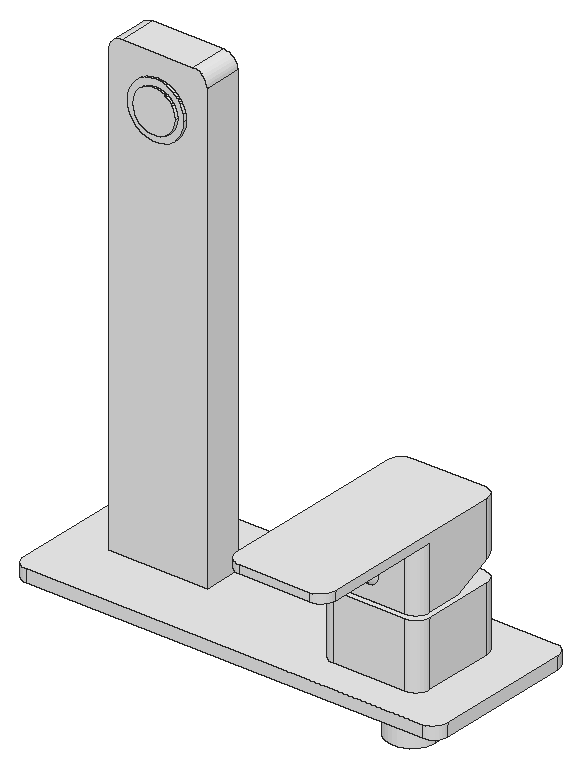
Revit family "Mixer-Bath-Dorf Epic-Wall1", category Plumbing Fixtures, host Face, Revit 2012
Parameters (values of type "Epic Wall Bath Mixer 180mm Outlet")
  Waste Connection = no
  Vent Connection = no
  URL = "http://www.dorf.com.au/"
  Type Comments = "Epic Wall Bath Mixer 180mm Outlet"
  Spout = if(Large, 240 mm, 180 mm)  # 180 mm
  Model = "6413.04"
  Material_ANZRS = Metal-Chrome-Caroma
  Manufacturer = "Dorf"  # constant formula
  Large = no
  HWFU = 2
  HW Connection = yes
  Description = "Fully featured cartridge, Chrome finish, Water efficient, Longer reach for sink versatility, European hoses"  # constant formula
  Default Elevation = 600 mm
  CreatedBy_ANZRS = "Design Content"  # constant formula
  CreatedByURL_ANZRS = "www.designcontent.com.au"
  Cost = 0
  Connector Radius = 0 mm
  CWFU = 2
  CW Connection = yes
  Assembly Code = "D2020300"
Types (3, lengths in mm): name | Type Comments | Spout | Model | Large | Connector Radius
  (no name) | "Epic Wall Bath Mixer 180mm Outlet" | 180 | "6413.04" | no | 0
  Epic Wall Bath Mixer 180mm Outlet | "Epic Wall Bath Mixer 180mm Outlet" | 180 | "6413.04" | no | 0
  Epic Wall Bath Mixer 240mm Outlet | "Epic Wall Bath Mixer 240mm Outlet" | 240 | "6414.04" | yes | 10
Reference planes
  plane 1 "Center (Front/Back)": y = 0
  plane 2: z = 0
  plane 3 "Center (Left/Right)": x = 0
  plane 4: z = 180
  plane 5: z = 201.234
  plane 6: z = 192
  plane 7: z = 168
  plane 8: z = 170.827
  plane 9: z = 171.008
  plane 10: z = 189.173
  plane 11: z = 188.992
Forms (mm)
  Extrusion 1, solid, material "Metal-Chrome-Caroma" <- "Material_ANZRS", detail levels fine
    sketch origin (50, 0, 0) x (1, 0, 0) y (0, 1, 0)
      loop
        arc (-15, 21.015) -> (-19.243, 19.258) -> (-21, 15.015) r 6
        line (-21, 15.015) -> (-21, -15.015)
        arc (-21, -15.015) -> (-19.243, -19.258) -> (-15, -21.015) r 6
        line (-15, -21.015) -> (15, -21.015)
        arc (15, -21.015) -> (19.243, -19.258) -> (21, -15.015) r 6
        line (21, -15.015) -> (21, 15.015)
        arc (21, 15.015) -> (19.243, 19.258) -> (15, 21.015) r 6
        line (15, 21.015) -> (-15, 21.015)
    from 5.2 to 32.5
  Revolve 2, solid, material "Metal-Chrome-Caroma" <- "Material_ANZRS", detail levels fine
    sketch origin (50, 0, -101) x (0, 1, 0) y (0, 0, 1)
      loop
        arc (18.482, 133.5) -> (12.78, 146.031) -> (0, 151.15) r 18.494
        line (0, 151.15) -> (0, 133.5) -> (18.482, 133.5)
      axis (0, 151.15) -> (0, 133.5)
    angle from 0 to 360
  Extrusion 3, solid, material "Metal-Chrome-Caroma" <- "Material_ANZRS", detail levels fine
    sketch origin (50, 0, -101) x (1, 0, 0) y (0, 1, 0)
      loop
        arc (-15, 21.015) -> (-19.243, 19.258) -> (-21, 15.015) r 6
        line (-21, 15.015) -> (-21, -64.985)
        arc (-21, -64.985) -> (-19.243, -69.228) -> (-15, -70.985) r 6
        line (-15, -70.985) -> (15, -70.985)
        arc (15, -70.985) -> (19.243, -69.228) -> (21, -64.985) r 6
        line (21, -64.985) -> (21, 15.015)
        arc (21, 15.015) -> (19.243, 19.258) -> (15, 21.015) r 6
        line (15, 21.015) -> (-15, 21.015)
    from 161.926 to 165.5
  Extrusion 4, void
    sketch origin (321, 15, -101) x (0, 1, 0) y (0, 0, -1)
      loop
        line (-15.708, -135.163) -> (6.287, -145.419) -> (6.287, -135.163) -> (-15.708, -135.163)
    from 250 to 292
  Extrusion 5, solid, material "Metal-Chrome-Caroma" <- "Material_ANZRS", detail levels fine
    sketch origin (50, 0, -101) x (1, 0, 0) y (0, 1, 0)
      loop
        arc (-15, 21.015) -> (-19.243, 19.258) -> (-21, 15.015) r 6
        line (-21, 15.015) -> (-21, -15.015)
        arc (-21, -15.015) -> (-19.243, -19.258) -> (-15, -21.015) r 6
        line (-15, -21.015) -> (15, -21.015)
        arc (15, -21.015) -> (19.243, -19.258) -> (21, -15.015) r 6
        line (21, -15.015) -> (21, 15.015)
        arc (21, 15.015) -> (19.243, 19.258) -> (15, 21.015) r 6
        line (15, 21.015) -> (-15, 21.015)
    from 135.5 to 165.5
  Extrusion 6, solid, material "Metal-Chrome-Caroma" <- "Material_ANZRS", detail levels fine
    sketch origin (-50, -125.5, 59.2) x (1, 0, 0) y (0, 0, -1)
      loop
        line (-21, 54) -> (-21, -136)
        arc (-21, -136) -> (-19.243, -140.243) -> (-15, -142) r 6
        line (-15, -142) -> (15, -142)
        arc (15, -142) -> (19.243, -140.243) -> (21, -136) r 6
        line (21, -136) -> (21, 54) -> (-21, 54)
    from 117.5 to 133.5
  Extrusion 7, solid, material "Metal-Chrome-Caroma" <- "Material_ANZRS", detail levels fine
    sketch origin (-50, -125.5, 55.261) x (1, 0, 0) y (0, 0, -1)
      loop
        circle (0, -124.739) r 12
    from 116.5 to 117.5
  Blend 8, solid, material "Metal-Chrome-Caroma" <- "Material_ANZRS", detail levels fine
    base sketch origin (-50, -125.5, 55.261) x (1, 0, 0) y (0, 0, -1)
      loop
        circle (0, -124.739) r 9.4
    top sketch origin (-50, -125.5, 55.261) x (1, 0, 0) y (0, 0, -1)
      loop
        circle (0, -124.739) r 8.992
    from 117.5 to 115.698
  Extrusion 9, solid, material "Metal-Chrome-Caroma" <- "Material_ANZRS", detail levels fine
    sketch origin (0, 0, -4.906) x (1, 0, 0) y (0, 1, 0)
      loop
        arc (-84, 35) -> (-88.243, 33.243) -> (-90, 29) r 6
        line (-90, 29) -> (-90, -29)
        arc (-90, -29) -> (-88.243, -33.243) -> (-84, -35) r 6
        line (-84, -35) -> (84, -35)
        arc (84, -35) -> (88.243, -33.243) -> (90, -29) r 6
        line (90, -29) -> (90, 29)
        arc (90, 29) -> (88.243, 33.243) -> (84, 35) r 6
        line (84, 35) -> (-84, 35)
    from 4.906 to 10.106
  Extrusion 10, solid, material "Metal-Chrome-Caroma" <- "Material_ANZRS"
    sketch origin (64.142, 0, 0) x (1, 0, 0) y (0, 1, 0)
      loop
        circle (-7.071, -7.071) r 10
    from -20 to 0
  Extrusion 11, solid, material "Metal-Chrome-Caroma" <- "Material_ANZRS"
    sketch origin (35.858, 0, 0) x (-1, 0, 0) y (0, -1, 0)
      loop
        circle (-7.071, -7.071) r 10
    from -20 to 0
  Revolve 12, solid, material "Metal-Chrome-Caroma" <- "Material_ANZRS", detail levels fine
    sketch origin (50, 0, -2.135) x (0, -1, 0) y (0, 0, -1)
      loop
        arc (22.115, -46.567) -> (21.831, -44.55) -> (21, -42.691) r 7.295
        line (21, -42.691) -> (21, -46.567) -> (22.115, -46.567)
      axis (22.115, -46.567) -> (21, -46.567)
    angle from 0 to 360
Cuts and joins
  Extrusion 4 cuts Extrusion 5
  joined: Extrusion 3, Extrusion 5
  joined: Extrusion 7, Blend 8
Lines and regions (mm)
  Masking region 1
    outline origin (0, -946.28, 1362.605) x (0, 1, 0) y (0, 0, 1)
      loop
        line (911.28, -1362.605) -> (981.28, -1362.605) -> (981.28, -1357.905)
        arc (981.28, -1357.905) -> (981.133, -1357.551) -> (980.78, -1357.405) r 0.5
        line (980.78, -1357.405) -> (967.28, -1357.405) -> (967.28, -1330.605)
        arc (967.28, -1330.605) -> (967.133, -1330.251) -> (966.78, -1330.105) r 0.5
        line (966.78, -1330.105) -> (964.762, -1330.105)
        arc (964.762, -1330.105) -> (963.895, -1325.293) -> (961.798, -1320.876) r 18.494
        line (961.798, -1320.876) -> (967.28, -1318.319) -> (967.28, -1314.914)
        arc (967.28, -1314.914) -> (968.395, -1311.037) -> (967.28, -1307.161) r 7.295
        line (967.28, -1307.161) -> (967.28, -1298.605)
        arc (967.28, -1298.605) -> (967.133, -1298.251) -> (966.78, -1298.105) r 0.5
        line (966.78, -1298.105) -> (954.28, -1298.105) -> (954.28, -1161.871)
        arc (954.28, -1161.871) -> (954.133, -1161.518) -> (953.78, -1161.371) r 0.5
        line (953.78, -1161.371) -> (938.78, -1161.371)
        arc (938.78, -1161.371) -> (938.426, -1161.518) -> (938.28, -1161.871) r 0.5
        line (938.28, -1161.871) -> (938.28, -1170.605) -> (937.28, -1170.605) -> (937.28, -1173.431) -> (936.477, -1173.613) -> (936.477, -1191.597) -> (937.28, -1191.778) -> (937.28, -1194.605) -> (938.28, -1194.605) -> (938.28, -1298.105) -> (875.795, -1298.105)
        arc (875.795, -1298.105) -> (875.441, -1298.251) -> (875.295, -1298.605) r 0.5
        line (875.295, -1298.605) -> (875.295, -1301.105)
        arc (875.295, -1301.105) -> (875.441, -1301.458) -> (875.795, -1301.605) r 0.5
        line (875.795, -1301.605) -> (919.27, -1301.605)
        arc (919.27, -1301.605) -> (923.52, -1303.365) -> (925.28, -1307.614) r 6.01
        line (925.28, -1307.614) -> (925.28, -1328.105) -> (927.998, -1328.105)
        arc (927.998, -1328.105) -> (927.871, -1329.102) -> (927.798, -1330.105) r 18.494
        line (927.798, -1330.105) -> (925.78, -1330.105)
        arc (925.78, -1330.105) -> (925.426, -1330.251) -> (925.28, -1330.605) r 0.5
        line (925.28, -1330.605) -> (925.28, -1357.405) -> (911.78, -1357.405)
        arc (911.78, -1357.405) -> (911.426, -1357.551) -> (911.28, -1357.905) r 0.5
        line (911.28, -1357.905) -> (911.28, -1362.605)
  Masking region 2
    outline origin (-836.117, 213.861, 0) x (1, 0, 0) y (0, 1, 0)
      loop
        arc (752.117, -178.861) -> (747.874, -180.618) -> (746.117, -184.861) r 6
        line (746.117, -184.861) -> (746.117, -242.861)
        arc (746.117, -242.861) -> (747.874, -247.104) -> (752.117, -248.861) r 6
        line (752.117, -248.861) -> (865.117, -248.861) -> (865.117, -278.846)
        arc (865.117, -278.846) -> (866.874, -283.089) -> (871.117, -284.846) r 6
        line (871.117, -284.846) -> (901.117, -284.846)
        arc (901.117, -284.846) -> (905.36, -283.089) -> (907.117, -278.846) r 6
        line (907.117, -278.846) -> (907.117, -248.861) -> (920.117, -248.861)
        arc (920.117, -248.861) -> (924.36, -247.104) -> (926.117, -242.861) r 6
        line (926.117, -242.861) -> (926.117, -184.861)
        arc (926.117, -184.861) -> (924.36, -180.618) -> (920.117, -178.861) r 6
        line (920.117, -178.861) -> (752.117, -178.861)
  Masking region 3
    outline origin (74.844, 0, 268.026) x (1, 0, 0) y (0, 0, 1)
      loop
        line (-164.844, -268.026) -> (15.156, -268.026) -> (15.156, -263.326)
        arc (15.156, -263.326) -> (15.009, -262.972) -> (14.656, -262.826) r 0.5
        line (14.656, -262.826) -> (-3.844, -262.826) -> (-3.844, -236.026)
        arc (-3.844, -236.026) -> (-3.991, -235.672) -> (-4.344, -235.526) r 0.5
        line (-4.344, -235.526) -> (-6.362, -235.526)
        arc (-6.362, -235.526) -> (-6.435, -234.523) -> (-6.563, -233.526) r 18.494
        line (-6.563, -233.526) -> (-3.844, -233.526) -> (-3.844, -204.026)
        arc (-3.844, -204.026) -> (-3.991, -203.672) -> (-4.344, -203.526) r 0.5
        line (-4.344, -203.526) -> (-45.344, -203.526)
        arc (-45.344, -203.526) -> (-45.698, -203.672) -> (-45.844, -204.026) r 0.5
        line (-45.844, -204.026) -> (-45.844, -233.526) -> (-43.126, -233.526)
        arc (-43.126, -233.526) -> (-43.253, -234.523) -> (-43.326, -235.526) r 18.494
        line (-43.326, -235.526) -> (-45.344, -235.526)
        arc (-45.344, -235.526) -> (-45.698, -235.672) -> (-45.844, -236.026) r 0.5
        line (-45.844, -236.026) -> (-45.844, -262.826) -> (-103.844, -262.826) -> (-103.844, -72.792)
        arc (-103.844, -72.792) -> (-105.602, -68.549) -> (-109.844, -66.792) r 6
        line (-109.844, -66.792) -> (-139.844, -66.792)
        arc (-139.844, -66.792) -> (-144.087, -68.549) -> (-145.844, -72.792) r 6
        line (-145.844, -72.792) -> (-145.844, -262.826) -> (-164.344, -262.826)
        arc (-164.344, -262.826) -> (-164.698, -262.972) -> (-164.844, -263.326) r 0.5
        line (-164.844, -263.326) -> (-164.844, -268.026)
  symbolic lines
    curve 1: line (29, 0, 5.2) -> (71, 0, 5.2)
    curve 2: line (0, 21, 5.2) -> (0, -21, 5.2)
    curve 3: line (-71, 0, 5.2) -> (-29, 0, 5.2)
    curve 4: line (31.718, 0, 34.5) -> (68.282, 0, 34.5)
    curve 5: line (31.518, 0, 32.5) -> (68.482, 0, 32.5)
    curve 6: line (0, 18.482, 32.5) -> (0, 8, 32.5)
    curve 7: line (0, 15.518, 41.729) -> (0, 8, 38.223)
    curve 8: line (0, -8, 34.5) -> (0, -18.282, 34.5)
    curve 9: line (0, 21, 47.691) -> (0, 21, 55.444)
    curve 10: line (0, -8, 192.247) -> (0, -8, 168)
    curve 11: line (0, -9, 189.414) -> (0, -9, 170.603)
    curve 12: line (-71, 8, 0) -> (-29, 8, 0)
    curve 13: line (-71, -8, 0) -> (-71, 8, 0)
    curve 14: line (-29, -8, 0) -> (-71, -8, 0)
    curve 15: line (-29, 8, 0) -> (-29, -8, 0)
    curve 16: line (-62.047, -8, 0) -> (-62.047, -9, 0)
    curve 17: line (-37.953, -9, 0) -> (-37.953, -8, 0)
    curve 18: line (-37.953, -9, 0) -> (-62.047, -9, 0)
    curve 19: line (-59.172, -9, 0) -> (-58.992, -9.802, 0)
    curve 20: line (-58.992, -9.802, 0) -> (-41.008, -9.802, 0)
    curve 21: line (-41.008, -9.802, 0) -> (-40.823, -9, 0)
    curve 22: arc (46.147, 21.015, 0) -> (50, 22.121, 0) -> (53.853, 21.015, 0) r 7.262
    curve 23: arc (29, 15.015, 0) -> (30.757, 19.258, 0) -> (35, 21.015, 0) r 6
    curve 24: line (35, 21.015, 0) -> (65, 21.015, 0)
    curve 25: arc (65, 21.015, 0) -> (69.243, 19.258, 0) -> (71, 15.015, 0) r 6
    curve 26: line (29, 15.015, 0) -> (29, -35, 0)
    curve 27: line (71, 15.015, 0) -> (71, -35, 0)
    curve 28: line (0, 8, 64.5) -> (0, 8, 5.2)
    curve 29: line (0, -8, 64.5) -> (0, -8, 5.2)
    curve 30: line (0, -8, 32.5) -> (0, -18.482, 32.5)
Dimensions and locks
  "Spout": plane 4 to level
  equal spacing: plane 6, plane 4, plane 7
  equal spacing: plane 11, plane 4, plane 9
  equal spacing: plane 10, plane 4, plane 8
  locked: plane 4 to plane 5 at 21.234
  locked: plane 6 to plane 7 at 24
  locked: plane 10 to plane 8 at 18.347
  locked: plane 11 to plane 9 at 17.983
  aligned and locked: plane 2 to host face
  aligned and locked: level to host face
  aligned and locked: plane 4 to Extrusion 7 sketch curve
  aligned and locked: plane 4 to Blend 8 sketch curve  (x2)
  aligned and locked: Masking region 1 to plane 6
  aligned and locked: Masking region 1 sketch curve to plane 11
  aligned and locked: Masking region 1 sketch curve to plane 10
  aligned and locked: plane 9 to Masking region 1 sketch curve
  aligned and locked: plane 8 to Masking region 1 sketch curve
  aligned and locked: Masking region 1 sketch curve to plane 5
  aligned and locked: plane 6 to Masking region 1 sketch curve
  aligned and locked: Masking region 1 sketch curve to plane 7
  aligned and locked: Masking region 3 sketch curve to plane 5
Automatic sketch dimensions
  plane 1 "Center (Front/Back)" to curve 14 = 8 mm
  curve 14 to plane 3 "Center (Left/Right)" = 71 mm
  curve 13 to curve 16 = 8.953 mm
  plane 1 "Center (Front/Back)" to curve 19 = 9 mm
  curve 16 to curve 19 = 2.875 mm
  curve 19 to curve 20 = 0.18 mm
  plane 1 "Center (Front/Back)" to curve 21 = 9.802 mm
  curve 19 to curve 21 = 17.983 mm
  curve 20 to curve 21 = 0.185 mm
  curve 21 to curve 17 = 2.87 mm
  curve 17 to curve 14 = 8.953 mm
  plane 3 "Center (Left/Right)" to curve 26 = 29 mm
  curve 26 to curve 23 = 6 mm
  curve 23 to curve 22 = 11.147 mm
  curve 22 to curve 22 = 3.853 mm
  curve 22 to curve 25 = 11.147 mm
  curve 25 to curve 25 = 6 mm
  plane 1 "Center (Front/Back)" to curve 27 = 35 mm
  plane 1 "Center (Front/Back)" to curve 26 = 35 mm
  curve 15 to plane 1 "Center (Front/Back)" = 8 mm
  curve 22 to plane 1 "Center (Front/Back)" = 14.859 mm
  curve 22 to curve 23 = 0.156 mm
  curve 10 to plane 7 = 0 mm
  level to curve 2 = 5.2 mm
  plane 1 "Center (Front/Back)" to curve 2 = 21 mm
  plane 1 "Center (Front/Back)" to curve 30 = 18.482 mm
  curve 30 to curve 8 = 0.201 mm
  curve 11 to plane 8 = 0.224 mm
  plane 1 "Center (Front/Back)" to curve 11 = 9 mm
  plane 1 "Center (Front/Back)" to curve 8 = 8 mm
  curve 30 to curve 8 = 0 mm
  plane 1 "Center (Front/Back)" to curve 29 = 8 mm
  curve 11 to curve 10 = 1 mm
  curve 6 to plane 1 "Center (Front/Back)" = 8 mm
  curve 7 to curve 6 = 0 mm
  curve 28 to plane 1 "Center (Front/Back)" = 8 mm
  curve 7 to curve 7 = 7.518 mm
  curve 7 to curve 6 = 2.965 mm
  curve 7 to curve 9 = 5.482 mm
  curve 28 to curve 2 = 13 mm
  curve 29 to curve 30 = 27.3 mm
  curve 30 to curve 6 = 0 mm
  curve 30 to curve 8 = 2 mm
  curve 6 to curve 7 = 5.723 mm
  curve 7 to curve 7 = 3.506 mm
  curve 7 to curve 9 = 5.962 mm
  curve 9 to curve 9 = 7.753 mm
  curve 9 to curve 28 = 9.056 mm
  curve 29 to curve 28 = 0 mm
  curve 11 to plane 6 = 2.586 mm
  plane 6 to curve 10 = 0.247 mm
  level to curve 3 = 5.2 mm
  curve 3 to plane 3 "Center (Left/Right)" = 71 mm
  curve 3 to plane 3 "Center (Left/Right)" = 29 mm
  level to curve 1 = 5.2 mm
  plane 3 "Center (Left/Right)" to curve 1 = 29 mm
  curve 1 to curve 5 = 2.518 mm
  curve 5 to curve 4 = 0.201 mm
  curve 4 to curve 4 = 36.563 mm
  curve 4 to curve 5 = 0.201 mm
  curve 5 to curve 1 = 2.518 mm
  curve 1 to curve 5 = 27.3 mm
  curve 5 to curve 4 = 2 mm
  host sketch curve to host sketch curve = 2438.4 mm  (x2)
  plane 1 "Center (Front/Back)" to Masking region 2 sketch curve = 29 mm
  Masking region 2 sketch curve to plane 3 "Center (Left/Right)" = 90 mm
  Masking region 2 sketch curve to Masking region 2 sketch curve = 6 mm  (x5)
  plane 3 "Center (Left/Right)" to Masking region 2 sketch curve = 29 mm
  Masking region 2 sketch curve to Masking region 2 sketch curve = 30 mm
  Masking region 2 sketch curve to Masking region 2 sketch curve = 13 mm
  Masking region 2 sketch curve to Masking region 2 sketch curve = 0 mm
  plane 1 "Center (Front/Back)" to Masking region 2 sketch curve = 35 mm
  Masking region 2 sketch curve to Masking region 2 sketch curve = 29.985 mm
  Masking region 2 sketch curve to plane 1 "Center (Front/Back)" = 29 mm
  Masking region 3 sketch curve to level = 0 mm
  level to Masking region 3 sketch curve = 4.7 mm  (x2)
  Masking region 3 sketch curve to plane 3 "Center (Left/Right)" = 90 mm
  Masking region 3 sketch curve to Masking region 3 sketch curve = 0.5 mm  (x6)
  plane 6 to Masking region 3 sketch curve = 3.234 mm
  Masking region 3 sketch curve to plane 3 "Center (Left/Right)" = 71 mm
  Masking region 3 sketch curve to Masking region 3 sketch curve = 30 mm
  level to Masking region 3 sketch curve = 5.2 mm
  Masking region 3 sketch curve to plane 3 "Center (Left/Right)" = 29 mm
  plane 3 "Center (Left/Right)" to Masking region 3 sketch curve = 29 mm
  Masking region 3 sketch curve to Masking region 3 sketch curve = 0 mm  (x2)
  Masking region 3 sketch curve to Masking region 3 sketch curve = 2.018 mm  (x2)
  Masking region 3 sketch curve to Masking region 3 sketch curve = 0.201 mm  (x2)
  Masking region 3 sketch curve to Masking region 3 sketch curve = 18.274 mm  (x2)
  Masking region 3 sketch curve to Masking region 3 sketch curve = 0.015 mm
  Masking region 3 sketch curve to Masking region 3 sketch curve = 2.218 mm
  Masking region 3 sketch curve to Masking region 3 sketch curve = 18.5 mm
  level to Masking region 3 sketch curve = 31.656 mm
  Masking region 3 sketch curve to Masking region 3 sketch curve = 0.344 mm  (x2)
  Masking region 3 sketch curve to Masking region 3 sketch curve = 29.5 mm
  Extrusion 1 sketch curve to plane 1 "Center (Front/Back)" = 15.015 mm
  plane 3 "Center (Left/Right)" to Extrusion 1 sketch curve = 29 mm
  Extrusion 1 sketch curve to Extrusion 1 sketch curve = 6 mm  (x3)
  Extrusion 1 sketch curve to Extrusion 1 sketch curve = 30 mm  (x2)
  plane 1 "Center (Front/Back)" to Extrusion 1 sketch curve = 15.015 mm
  Revolve 2 sketch curve to plane 1 "Center (Front/Back)" = 0 mm  (x2)
  Revolve 2 sketch curve to plane 1 "Center (Front/Back)" = 0.008 mm
  Revolve 2 sketch curve to Revolve 2 sketch curve = 18.482 mm
  Revolve 2 sketch curve to level = 710.6 mm
  level to Revolve 2 sketch curve = 31.656 mm
  Revolve 2 sketch curve to Revolve 2 sketch curve = 0.844 mm
  Revolve 2 sketch curve to plane 5 = 2041.573 mm
  plane 3 "Center (Left/Right)" to Extrusion 3 sketch curve = 29 mm
  Extrusion 3 sketch curve to Extrusion 3 sketch curve = 6 mm  (x3)
  Extrusion 3 sketch curve to Extrusion 3 sketch curve = 30 mm  (x2)
  plane 1 "Center (Front/Back)" to Extrusion 3 sketch curve = 70.985 mm
  Extrusion 3 sketch curve to plane 1 "Center (Front/Back)" = 15.015 mm
  plane 1 "Center (Front/Back)" to Extrusion 4 sketch curve = 0.708 mm
  Extrusion 4 sketch curve to plane 1 "Center (Front/Back)" = 21.287 mm
  level to Extrusion 4 sketch curve = 44.419 mm
  Extrusion 4 sketch curve to Extrusion 4 sketch curve = 10.256 mm
  Extrusion 5 sketch curve to plane 1 "Center (Front/Back)" = 15.015 mm
  plane 3 "Center (Left/Right)" to Extrusion 5 sketch curve = 29 mm
  Extrusion 5 sketch curve to Extrusion 5 sketch curve = 6 mm  (x3)
  Extrusion 5 sketch curve to Extrusion 5 sketch curve = 30 mm  (x2)
  plane 1 "Center (Front/Back)" to Extrusion 5 sketch curve = 15.015 mm
  level to Extrusion 6 sketch curve = 5.2 mm
  Extrusion 6 sketch curve to plane 3 "Center (Left/Right)" = 71 mm
  plane 6 to Extrusion 6 sketch curve = 3.2 mm
  Extrusion 6 sketch curve to Extrusion 6 sketch curve = 6 mm
  Extrusion 6 sketch curve to Extrusion 6 sketch curve = 30 mm
  Extrusion 6 sketch curve to plane 3 "Center (Left/Right)" = 29 mm
  Extrusion 7 sketch curve to plane 3 "Center (Left/Right)" = 50 mm
  Blend 8 sketch curve to plane 3 "Center (Left/Right)" = 50 mm  (x2)
  plane 1 "Center (Front/Back)" to Extrusion 9 sketch curve = 29 mm  (x2)
  Extrusion 9 sketch curve to plane 3 "Center (Left/Right)" = 90 mm
  Extrusion 9 sketch curve to Extrusion 9 sketch curve = 6 mm  (x2)
  Extrusion 9 sketch curve to plane 1 "Center (Front/Back)" = 35 mm
  plane 3 "Center (Left/Right)" to Extrusion 9 sketch curve = 84 mm
  Extrusion 9 sketch curve to Extrusion 9 sketch curve = 0 mm
  Masking region 1 sketch curve to level = 0 mm
  plane 1 "Center (Front/Back)" to Masking region 1 sketch curve = 70.985 mm
  Masking region 1 sketch curve to Masking region 1 sketch curve = 0.5 mm  (x8)
  plane 1 "Center (Front/Back)" to Masking region 1 sketch curve = 35 mm
  plane 1 "Center (Front/Back)" to Masking region 1 sketch curve = 27.01 mm
  plane 1 "Center (Front/Back)" to Masking region 1 sketch curve = 21 mm
  Masking region 1 sketch curve to Masking region 1 sketch curve = 6.01 mm
  Masking region 1 sketch curve to Masking region 1 sketch curve = 2.018 mm  (x2)
  Masking region 1 sketch curve to Masking region 1 sketch curve = 0.201 mm
  plane 1 "Center (Front/Back)" to Masking region 1 sketch curve = 9.802 mm
  Masking region 1 sketch curve to Masking region 1 sketch curve = 0.802 mm  (x2)
  Masking region 1 sketch curve to Masking region 1 sketch curve = 1 mm  (x2)
  plane 1 "Center (Front/Back)" to Masking region 1 sketch curve = 0.008 mm
  Masking region 1 sketch curve to plane 1 "Center (Front/Back)" = 0.008 mm
  Masking region 1 sketch curve to plane 1 "Center (Front/Back)" = 7.5 mm
  Masking region 1 sketch curve to plane 1 "Center (Front/Back)" = 8 mm
  Masking region 1 sketch curve to Masking region 1 sketch curve = 6.82 mm
  Masking region 1 sketch curve to Masking region 1 sketch curve = 0.697 mm
  Masking region 1 sketch curve to Masking region 1 sketch curve = 2.965 mm
  Masking region 1 sketch curve to Masking region 1 sketch curve = 12.5 mm
  Masking region 1 sketch curve to Masking region 1 sketch curve = 5.482 mm
  level to Masking region 1 sketch curve = 5.2 mm
  Masking region 1 sketch curve to Masking region 1 sketch curve = 13.5 mm
  level to Masking region 1 sketch curve = 4.7 mm
  level to Masking region 1 sketch curve = 31.656 mm
  Masking region 1 sketch curve to Masking region 1 sketch curve = 0 mm
  Masking region 1 sketch curve to Masking region 1 sketch curve = 0.344 mm  (x2)
  Masking region 1 sketch curve to Masking region 1 sketch curve = 2.556 mm
  Masking region 1 sketch curve to Masking region 1 sketch curve = 3.405 mm
  Masking region 1 sketch curve to Masking region 1 sketch curve = 3.877 mm
  Masking region 1 sketch curve to Masking region 1 sketch curve = 20.49 mm
  Masking region 1 sketch curve to Masking region 1 sketch curve = 2.5 mm
  Masking region 1 sketch curve to Masking region 1 sketch curve = 8.556 mm
  plane 3 "Center (Left/Right)" to Extrusion 10 sketch curve = 57.071 mm
  plane 1 "Center (Front/Back)" to Extrusion 10 sketch curve = 7.071 mm
  plane 3 "Center (Left/Right)" to Extrusion 11 sketch curve = 42.929 mm
  Extrusion 11 sketch curve to plane 1 "Center (Front/Back)" = 7.071 mm
  plane 1 "Center (Front/Back)" to Revolve 12 sketch curve = 14.141 mm
  Revolve 12 sketch curve to Revolve 12 sketch curve = 0.679 mm
  Revolve 12 sketch curve to Revolve 12 sketch curve = 6.18 mm
  Revolve 12 sketch curve to Revolve 12 sketch curve = 1.115 mm
  Revolve 12 sketch curve to Revolve 12 sketch curve = 0 mm  (x2)
  level to Revolve 12 sketch curve = 44.432 mm
  radius of Extrusion 7 sketch curve = 12 mm
  radius of Blend 8 sketch curve = 9.4 mm
  radius of Blend 8 sketch curve = 8.992 mm
  radius of Extrusion 10 sketch curve = 10 mm
  radius of Extrusion 11 sketch curve = 10 mm
Connectors
  piping at (57.071, -7.071, -20), driven by "Connector Radius", driven by "CWFU"
    settings: on Extrusion 10, index 7, connector radius 0", flow factor 0, pipe flow 0 GPM, pressure drop 0.00 psi, fitting loss kfactor 0, connector angle 0.00°, fixture units 2, engagement length 0 mm, flow configuration 3, flow direction 1, fitting loss method 1, system type 20, joint type 0, gender type 0, connector reference index -1, connector utility 0, adjustable connector no, is connector primary yes, fitting loss table "", connector description ""
  piping at (42.929, 7.071, -20), driven by "Connector Radius", driven by "HWFU"
    settings: on Extrusion 11, index 8, connector radius 0", flow factor 0, pipe flow 0 GPM, pressure drop 0.00 psi, fitting loss kfactor 0, connector angle 0.00°, fixture units 2, engagement length 0 mm, flow configuration 3, flow direction 1, fitting loss method 1, system type 19, joint type 0, gender type 0, connector reference index -1, connector utility 0, adjustable connector no, is connector primary no, fitting loss table "", connector description ""
